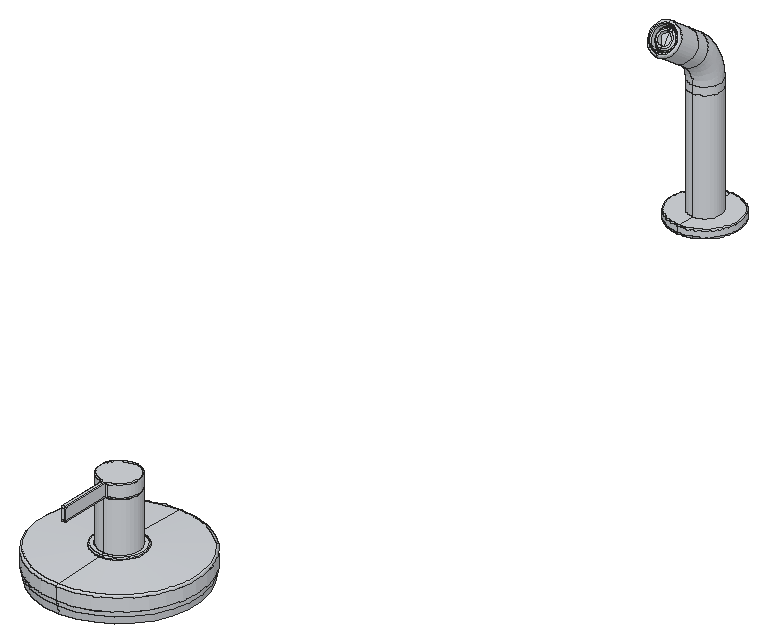
Revit family "Shower-Shower_Trim-KOHLER-Stillness-K-TLS949", category Plumbing Fixtures, host Face, Revit 2015
Parameters (values of type "CP-Polished Chrome")
  Width = 6 3/8"  # constant formula
  Waste Water Outlet = "Waste Water Outlet"  # constant formula
  Waste Connection = 1 = 0  # no
  Vent Connection = 1 = 0  # no
  URL = "https://www.us.kohler.com/us/"
  Type = 1
  Product Page URL = "http://www.us.kohler.com/us/catalog/productDetails.jsp?productNumber=TLS949-4"
  Product Name = "Stillness"  # constant formula
  Product Documentation Link = "https://www.us.kohler.com/webassets/kpna/catalog/pdf/en/K-TLS949-4_spec.pdf"
  Panel Thickness = 0"
  Model = if(Type = 1, "K-TLS949-4-CP", if(Type = 2, "K-TLS949-4-BN", "NA"))  # "K-TLS949-4-CP"
  Material = "Premium Metal Construction"  # constant formula
  MasterFormat 2004 = "22.41.23"  # constant formula
  MasterFormat 1995 = "15410"  # constant formula
  Manufacturer Address = "444 Highland Dr, Kohler, WI 53044"  # constant formula
  Manufacturer = "KOHLER Co."  # constant formula
  Length = 7 1/2"  # constant formula
  Tempered Water Inlet = "Tempered Water Inlet"  # constant formula
  Height = 6 3/8"  # constant formula
  Distance To Showerarm [instance] = 30"
  HW Connection = 1 = 1  # yes
  Finish = Kohler-Metal-CP-Polished_Chrome
  Environmental Product Declaration = ""
  Drain Included = 1 = 0  # no
  Description = "Rite-Temp shower valve trim with lever handle, less showerhead"  # constant formula
  Default Elevation = 42"
  Declare Label = ""
  Date Modified = "01/22/2019"  # constant formula
  Date Created = "01/22/2019"  # constant formula
  Copyright = "Copyright KOHLER Co."  # constant formula
  Contact Us = "https://www.us.kohler.com/us/static/contact.jsp"
  Cold Water Inlet = "Cold Water Inlet"  # constant formula
  CW Connection = 1 = 0  # no
  Assembly Code = "D2010700"
  ADA Compliant = 1 = 1  # yes
Types (3): name | Type | Model | Finish
  (no name) | 1 | "K-TLS949-4-CP" | Kohler-Metal-CP-Polished_Chrome
  CP-Polished Chrome | 1 | "K-TLS949-4-CP" | Kohler-Metal-CP-Polished_Chrome
  BN-Vibrant Brushed Nickel | 2 | "K-TLS949-4-BN" | Kohler-Metal-BN-Vibrant_Brushed_Nickel
Reference planes (in)
  plane 1 "Center (Front/Back)": y = 0
  plane 2: z = 0
  plane 3 "Center (Left/Right)": x = 0
  plane 4: y = 30
  plane 5: x = -3.1875
  plane 6: y = 3.1875
  plane 7: x = 3.1875
  plane 8: y = -3.1875
  plane 9: z = 7.5
Dimensions and locks (in)
  "Distance To Showerarm": plane 1 "Center (Front/Back)" to plane 4
  "Width": plane 5 to plane 7
  "Height": plane 6 to plane 8
  "Length": plane 9 to plane 2
  aligned and locked: host face to plane 2
  aligned and locked: host face to level
  aligned and locked: nested 2 to plane 4
Automatic sketch dimensions
  host sketch curve to host sketch curve = 96"  (x2)
Nested families (in)
  nested 1: "K-TLS949-4_Handle" at (0, 0, 0), type "K-TLS949-4_Handle"
  nested 2: "K-TLS949-4_Shower arm" at (0, 30, 0), type "K-TLS949-4_Shower arm"
Connectors (in)
  piping at (0, 30, 0), diameter 0.5, driven by "HW Connection", driven by "Tempered Water Inlet"
    settings: on nested 2, index 1, connector inside diameter 24", connector length 0", flow factor 0, pipe flow 0 GPM, pressure drop 0.00 psi, fitting loss kfactor 0, connector angle 0.00°, fixture units 0, engagement length 0", angle of deflection 0.00°, flow configuration 0, flow direction 1, fitting loss method 0, system type 19, joint type 0, gender type 0, connector reference index -1, connector utility 1, adjustable connector no, is connector primary yes, connector description "Tempered Water Inlet"
Definition of nested family "K-TLS949-4_Handle"
  Parameters (values of type "K-TLS949-4_Handle")
    Material = none
  Reference planes (in)
    plane 1 "Center (Front/Back)": y = 0
    plane 2: z = 0
    plane 3 "Center (Left/Right)": x = 0
    plane 4: x = -3.1875
    plane 5: x = 3.1875
    plane 6: y = 3.1875
    plane 7: y = -3.1875
    plane 8: z = 3.8125
    plane 9: y = -2.875
  Forms (in)
    Sweep 1, solid, material <- "Material", detail levels medium+fine
      path origin (0, 0, 0) x (1, 0, 0) y (0, 1, 0)
        loop
          arc (0.13273, -0.77763) -> (-0.00035, 0.78887) -> (-0.13204, -0.77774) r 0.78887
          arc (-0.13204, -0.77774) -> (-0.09475, -0.79903) -> (-0.08, -0.83936) r 0.0625
          line (-0.08, -0.83936) -> (-0.08, -2.875) -> (0.08, -2.875) -> (0.08, -0.84012)
          arc (0.08, -0.84012) -> (0.09494, -0.79923) -> (0.13273, -0.77763) r 0.06339
      profile origin (0, -2.875, 0) x (0, 1, 0) y (0, 0, 1)
        loop
          line (0, 3.79186) -> (0, 3.30312)
          arc (0, 3.30312) -> (0.00604, 3.28854) -> (0.02062, 3.2825) r 0.02062
          line (0.02062, 3.2825) -> (0.0529, 3.2825) -> (0.0529, 3.8125) -> (0.02064, 3.8125)
          arc (0.02064, 3.8125) -> (0.00605, 3.80645) -> (0, 3.79186) r 0.02064
    Extrusion 2, solid, material <- "Material", detail levels medium+fine
      sketch origin (0, 0, 0) x (1, 0, 0) y (0, 1, 0)
        loop
          line (0.0271, -2.8221) -> (0.0271, -0.84012)
          arc (0.0271, -0.84012) -> (0.05451, -0.76512) -> (0.12383, -0.72548) r 0.1163
          arc (0.12383, -0.72548) -> (-0.00033, 0.73597) -> (-0.12318, -0.72559) r 0.73597
          arc (-0.12318, -0.72559) -> (-0.05433, -0.7649) -> (-0.0271, -0.83936) r 0.1154
          line (-0.0271, -0.83936) -> (-0.0271, -2.8221) -> (0.0271, -2.8221)
      from 3.2825 to 3.8125
    Revolve 3, solid, material <- "Material", detail levels medium+fine
      sketch origin (0, 0, 0) x (0, 1, 0) y (0, 0, 1)
        loop
          line (0, 3.2825) -> (-0.72677, 3.2825) -> (-0.72677, 3.2425) -> (-0.78658, 3.2425) -> (-0.78658, 1.09229) -> (-0.80998, 1.225) -> (-0.97006, 1.225)
          arc (-0.97006, 1.225) -> (-0.99114, 1.21627) -> (-0.99987, 1.19519) r 0.02981
          line (-0.99987, 1.19519) -> (-0.99987, 1.15963)
          arc (-0.99987, 1.15963) -> (-2.0587, 1.13736) -> (-3.11575, 1.07225) r 26.16407
          arc (-3.11575, 1.07225) -> (-3.16683, 1.04733) -> (-3.1875, 0.99439) r 0.07813
          line (-3.1875, 0.99439) -> (-3.1875, 0.47968)
          arc (-3.1875, 0.47968) -> (-3.18252, 0.3846) -> (-3.16762, 0.29055) r 0.90967
          line (-3.16762, 0.29055) -> (-3.10586, 0) -> (0, 0) -> (0, 3.2825)
        axis (0, 3.2825) -> (0, 0)
      angle from 0 to 360
    Extrusion 4, void
      sketch origin (0, 0, 0) x (1, 0, 0) y (0, 1, 0)
        loop
          line (0.04875, -2.875) -> (0.08, -2.875) -> (0.08, -2.84375)
          arc (0.08, -2.84375) -> (0.07085, -2.86585) -> (0.04875, -2.875) r 0.03125
        loop
          arc (-0.04875, -2.875) -> (-0.07085, -2.86585) -> (-0.08, -2.84375) r 0.03125
          line (-0.08, -2.84375) -> (-0.08, -2.875) -> (-0.04875, -2.875)
      from 3.17161 to 3.93951
    Revolve 5, solid, material <- "Material", detail levels coarse
      sketch origin (0, 0, 0) x (0, 1, 0) y (0, 0, 1)
        loop
          line (0, 3.8125) -> (-0.78658, 3.8125) -> (-0.78658, 1.25) -> (-3.1875, 1.25) -> (-3.1875, 0) -> (0, 0) -> (0, 3.8125)
        axis (0, 3.8125) -> (0, 0)
      angle from 0 to 360
    Extrusion 6, solid, material <- "Material", detail levels coarse
      sketch origin (0, 0, 0) x (0, 1, 0) y (0, 0, 1)
        loop
          line (-2.875, 3.8125) -> (-2.875, 3.2825) -> (0, 3.2825) -> (0, 3.8125) -> (-2.875, 3.8125)
      from -0.08269 to 0.07866
  Cuts and joins
    Extrusion 4 cuts Sweep 1
    joined: Sweep 1, Extrusion 2, Revolve 3
    joined: Revolve 5, Extrusion 6
  Lines and regions (in)
    Masking region 1
      outline origin (0, 0, 0) x (0, 1, 0) y (0, 0, 1)
        loop
          line (3.10586, 0) -> (3.16762, 0.29055)
          arc (3.16762, 0.29055) -> (3.18252, 0.3846) -> (3.1875, 0.47968) r 0.90967
          line (3.1875, 0.47968) -> (3.1875, 0.99439)
          arc (3.1875, 0.99439) -> (3.16683, 1.04733) -> (3.11575, 1.07225) r 0.07813
          arc (3.11575, 1.07225) -> (2.0587, 1.13736) -> (0.99987, 1.15963) r 26.16407
          line (0.99987, 1.15963) -> (0.99987, 1.19519)
          arc (0.99987, 1.19519) -> (0.99114, 1.21627) -> (0.97006, 1.225) r 0.02981
          line (0.97006, 1.225) -> (0.78658, 1.225) -> (0.78658, 3.2425) -> (0.72677, 3.2425) -> (0.72677, 3.2825) -> (0.76841, 3.2825)
          arc (0.76841, 3.2825) -> (0.78264, 3.28839) -> (0.78853, 3.30263) r 0.02013
          line (0.78853, 3.30263) -> (0.78853, 3.79193)
          arc (0.78853, 3.79193) -> (0.78251, 3.80647) -> (0.76796, 3.8125) r 0.02057
          line (0.76796, 3.8125) -> (-2.85383, 3.8125)
          arc (-2.85383, 3.8125) -> (-2.8688, 3.8063) -> (-2.875, 3.79133) r 0.02117
          line (-2.875, 3.79133) -> (-2.875, 3.30284)
          arc (-2.875, 3.30284) -> (-2.86904, 3.28846) -> (-2.85466, 3.2825) r 0.02034
          line (-2.85466, 3.2825) -> (-0.72677, 3.2825) -> (-0.72677, 3.2425) -> (-0.78658, 3.2425) -> (-0.78658, 1.225) -> (-0.97006, 1.225)
          arc (-0.97006, 1.225) -> (-0.99114, 1.21627) -> (-0.99987, 1.19519) r 0.02981
          line (-0.99987, 1.19519) -> (-0.99987, 1.15963)
          arc (-0.99987, 1.15963) -> (-2.0587, 1.13736) -> (-3.11575, 1.07225) r 26.16407
          arc (-3.11575, 1.07225) -> (-3.16683, 1.04733) -> (-3.1875, 0.99439) r 0.07813
          line (-3.1875, 0.99439) -> (-3.1875, 0.47968)
          arc (-3.1875, 0.47968) -> (-3.18252, 0.3846) -> (-3.16762, 0.29055) r 0.90967
          line (-3.16762, 0.29055) -> (-3.10586, 0) -> (3.10586, 0)
    Masking region 2
      outline origin (0, 0, 0) x (1, 0, 0) y (0, 0, 1)
        loop
          line (3.10586, 0) -> (3.16762, 0.29055)
          arc (3.16762, 0.29055) -> (3.18252, 0.3846) -> (3.1875, 0.47968) r 0.90967
          line (3.1875, 0.47968) -> (3.1875, 0.99439)
          arc (3.1875, 0.99439) -> (3.16683, 1.04733) -> (3.11575, 1.07225) r 0.07813
          arc (3.11575, 1.07225) -> (2.0587, 1.13736) -> (0.99987, 1.15963) r 26.16407
          line (0.99987, 1.15963) -> (0.99987, 1.19519)
          arc (0.99987, 1.19519) -> (0.99114, 1.21627) -> (0.97006, 1.225) r 0.02981
          line (0.97006, 1.225) -> (0.78658, 1.225) -> (0.78658, 3.2425) -> (0.72677, 3.2425) -> (0.72677, 3.2825) -> (0.76596, 3.2825)
          arc (0.76596, 3.2825) -> (0.78054, 3.28854) -> (0.78658, 3.30312) r 0.02062
          line (0.78658, 3.30312) -> (0.78658, 3.79122)
          arc (0.78658, 3.79122) -> (0.78035, 3.80627) -> (0.7653, 3.8125) r 0.02128
          line (0.7653, 3.8125) -> (-0.7653, 3.8125)
          arc (-0.7653, 3.8125) -> (-0.78035, 3.80627) -> (-0.78658, 3.79122) r 0.02128
          line (-0.78658, 3.79122) -> (-0.78658, 3.30312)
          arc (-0.78658, 3.30312) -> (-0.78054, 3.28854) -> (-0.76596, 3.2825) r 0.02062
          line (-0.76596, 3.2825) -> (-0.72677, 3.2825) -> (-0.72677, 3.2425) -> (-0.78658, 3.2425) -> (-0.78658, 1.225) -> (-0.97006, 1.225)
          arc (-0.97006, 1.225) -> (-0.99114, 1.21627) -> (-0.99987, 1.19519) r 0.02981
          line (-0.99987, 1.19519) -> (-0.99987, 1.15963)
          arc (-0.99987, 1.15963) -> (-2.0587, 1.13736) -> (-3.11575, 1.07225) r 26.16407
          arc (-3.11575, 1.07225) -> (-3.16683, 1.04733) -> (-3.1875, 0.99439) r 0.07813
          line (-3.1875, 0.99439) -> (-3.1875, 0.47968)
          arc (-3.1875, 0.47968) -> (-3.18252, 0.3846) -> (-3.16762, 0.29055) r 0.90967
          line (-3.16762, 0.29055) -> (-3.10586, 0) -> (3.10586, 0)
    Masking region 3
      outline origin (0, 0, 0) x (1, 0, 0) y (0, 1, 0)
        loop
          arc (-3.1875, 0) -> (-2.2539, -2.2539) -> (0, -3.1875) r 3.1875
          arc (0, -3.1875) -> (2.2539, -2.2539) -> (3.1875, 0) r 3.1875
          arc (3.1875, 0) -> (2.2539, 2.2539) -> (0, 3.1875) r 3.1875
          arc (0, 3.1875) -> (-2.2539, 2.2539) -> (-3.1875, 0) r 3.1875
    symbolic lines, detail levels medium+fine
      curve 1: line (0, 3.1875, 0.47968) -> (0, -3.1875, 0.47968)
      curve 2: line (0, 3.11575, 1.07225) -> (0, -3.11575, 1.07225)
      curve 3: line (0, 0.99987, 1.15963) -> (0, -0.99987, 1.15963)
      curve 4: line (0, 0.78658, 1.225) -> (0, -0.78658, 1.225)
      curve 5: line (0, 0.72677, 3.2425) -> (0, -0.72677, 3.2425)
      curve 6: line (0, 0.72677, 3.2825) -> (0, -0.72677, 3.2825)
      curve 7: line (3.1875, 0, 0.47968) -> (-3.1875, 0, 0.47968)
      curve 8: line (3.11575, 0, 1.07225) -> (-3.11575, 0, 1.07225)
      curve 9: line (0.99987, 0, 1.15963) -> (-0.99987, 0, 1.15963)
      curve 10: line (0.78658, 0, 1.225) -> (-0.78658, 0, 1.225)
      curve 11: line (0.72677, 0, 3.2425) -> (-0.72677, 0, 3.2425)
      curve 12: line (0.72677, 0, 3.2825) -> (-0.72677, 0, 3.2825)
      curve 13: arc (0.13335, -0.77725, 0) -> (-0.00114, 0.78861, 0) -> (-0.13111, -0.77764, 0) r 0.78861
      curve 14: line (-0.07998, -2.84395, 0) -> (-0.07998, -0.83811, 0)
      curve 15: line (0.07998, -2.84433, 0) -> (0.07998, -0.84056, 0)
      curve 16: line (-0.04892, -2.875, 0) -> (0.0493, -2.875, 0)
      curve 17: arc (-0.13111, -0.77764, 0) -> (-0.09447, -0.79851, 0) -> (-0.07998, -0.83811, 0) r 0.06133
      curve 18: arc (0.07998, -0.84056, 0) -> (0.0951, -0.79916, 0) -> (0.13335, -0.77725, 0) r 0.06424
      curve 19: arc (-0.07998, -2.84395, 0) -> (-0.07088, -2.8659, 0) -> (-0.04892, -2.875, 0) r 0.03105
      curve 20: arc (0.0493, -2.875, 0) -> (0.07099, -2.86602, 0) -> (0.07998, -2.84433, 0) r 0.03067
      curve 21: arc (0.07998, -0.9968, 0) -> (0, 1, 0) -> (-0.07998, -0.9968, 0) r 1
      curve 22: circle (0, 0, 0) r 3.09623 normal (0, 0, 1)
  Dimensions and locks (in)
    locked: plane 4 to plane 5 at 6.375
    locked: plane 7 to plane 6 at 6.375
    locked: plane 1 "Center (Front/Back)" to plane 9 at 2.875
    locked: plane 8 to plane 2 at 3.8125
    aligned and locked: plane 2 to level
Definition of nested family "K-TLS949-4_Shower arm"
  Parameters (values of type "K-TLS949-4_Shower arm")
    Material = none
  Reference planes (in)
    plane 1 "Center (Front/Back)": y = 0
    plane 2: z = 0
    plane 3 "Center (Left/Right)": x = 0
    plane 4: x = -1.375
    plane 5: x = 1.375
    plane 6: y = 1.375
    plane 7: y = -1.375
    plane 8: y = -2.125
    plane 9: z = 7.5
  Forms (in)
    Revolve 1, solid, material <- "Material", detail levels medium+fine
      sketch origin (0, 0, 0) x (0, 1, 0) y (0, 0, 1)
        loop
          line (-0.625, 0.312) -> (-1.34207, 0.312)
          arc (-1.34207, 0.312) -> (-1.36535, 0.30235) -> (-1.375, 0.27907) r 0.03293
          line (-1.375, 0.27907) -> (-1.375, 0.03125)
          arc (-1.375, 0.03125) -> (-1.36585, 0.00915) -> (-1.34375, 0) r 0.03125
          line (-1.34375, 0) -> (0, 0) -> (0, 4.82359) -> (-0.625, 4.82359) -> (-0.625, 0.312)
        axis (0, 4.82359) -> (0, 0)
      angle from 0 to 360
    Sweep 2, solid, material <- "Material", detail levels medium+fine
      path origin (0, 0, 0) x (0, 1, 0) y (0, 0, 1)
        loop
          line (-1.21332, 6.86164) -> (-0.71288, 6.51122)
          arc (-0.71288, 6.51122) -> (-0.18889, 5.91373) -> (0, 5.1418) r 1.67175
          line (0, 5.1418) -> (0, 4.82359)
      profile origin (0, 0, 4.98269) x (1, 0, 0) y (0, 1, 0)
        loop
          circle (0, 0) r 0.625
    Revolve 3, solid, material <- "Material", detail levels medium+fine
      sketch origin (0, 0, 0) x (0, 1, 0) y (0, 0, 1)
        loop
          line (-1.21332, 6.86164) -> (-1.93495, 7.36692) -> (-2.08132, 7.15787) -> (-2.20457, 7.24417) -> (-2.24624, 7.18466) -> (-2.23473, 7.10407) -> (-2.15707, 7.0497) -> (-2.20506, 6.98116) -> (-2.37695, 7.10153)
          arc (-2.37695, 7.10153) -> (-2.39352, 7.1052) -> (-2.40783, 7.09608) r 0.02217
          line (-2.40783, 7.09608) -> (-2.43867, 7.05203)
          arc (-2.43867, 7.05203) -> (-2.45162, 6.99365) -> (-2.41949, 6.94322) r 0.07813
          line (-2.41949, 6.94322) -> (-1.57181, 6.34967) -> (-1.21332, 6.86164)
        axis (-2.125, 7.5) -> (-1.21332, 6.86164)
      angle from 0 to 360
    Extrusion 4, solid, material <- "Material", detail levels medium+fine
      sketch origin (0, 0, 0) x (1, 0, 0) y (0, 1, 0)
        loop
          circle (0, 0) r 0.25
      from 0 to 0.06798
    Revolve 5, solid, material <- "Material", detail levels coarse
      sketch origin (0, 0, 0) x (0, 1, 0) y (0, 0, 1)
        loop
          line (0, 0) -> (0, 3.9119) -> (-0.6768, 3.9119) -> (-0.6768, 0.312) -> (-1.375, 0.312) -> (-1.375, 0) -> (0, 0)
        axis (0, 3.9119) -> (0, 0)
      angle from 0 to 360
    Sweep 6, solid, material <- "Material", detail levels coarse
      path origin (0, 0, 0) x (0, 1, 0) y (0, 0, 1)
        loop
          line (0, 3.9119) -> (0, 5.03608)
          arc (0, 5.03608) -> (-0.21184, 5.90178) -> (-0.79947, 6.57185) r 1.87483
          line (-0.79947, 6.57185) -> (-2.125, 7.5)
      profile origin (0, 0, 4.47399) x (0, -1, 0) y (1, 0, 0)
        loop
          circle (0, 0) r 0.6768
  Cuts and joins
    joined: Revolve 1, Sweep 2, Revolve 3
    joined: Revolve 5, Sweep 6
  Lines and regions (in)
    Masking region 1
      outline origin (0, 0, 0) x (0, 1, 0) y (0, 0, 1)
        loop
          arc (1.34375, 0) -> (1.36585, 0.00915) -> (1.375, 0.03125) r 0.03125
          line (1.375, 0.03125) -> (1.375, 0.28075)
          arc (1.375, 0.28075) -> (1.36585, 0.30285) -> (1.34375, 0.312) r 0.03125
          line (1.34375, 0.312) -> (0.625, 0.312) -> (0.625, 5.14452)
          arc (0.625, 5.14452) -> (0.36608, 6.20263) -> (-0.35216, 7.02163) r 2.29152
          line (-0.35216, 7.02163) -> (-1.00221, 7.4768) -> (-1.70252, 7.96716)
          arc (-1.70252, 7.96716) -> (-1.7609, 7.9801) -> (-1.81133, 7.94797) r 0.07813
          line (-1.81133, 7.94797) -> (-2.125, 7.5) -> (-2.43867, 7.05203)
          arc (-2.43867, 7.05203) -> (-2.45162, 6.99365) -> (-2.41949, 6.94322) r 0.07813
          line (-2.41949, 6.94322) -> (-1.73235, 6.46208) -> (-1.06986, 5.9982)
          arc (-1.06986, 5.9982) -> (-0.74287, 5.62534) -> (-0.625, 5.14363) r 1.04323
          line (-0.625, 5.14363) -> (-0.625, 0.312) -> (-1.34375, 0.312)
          arc (-1.34375, 0.312) -> (-1.36585, 0.30285) -> (-1.375, 0.28075) r 0.03125
          line (-1.375, 0.28075) -> (-1.375, 0.03125)
          arc (-1.375, 0.03125) -> (-1.36585, 0.00915) -> (-1.34375, 0) r 0.03125
          line (-1.34375, 0) -> (1.34375, 0)
    Masking region 2
      outline origin (0, 0, 0) x (1, 0, 0) y (0, 0, 1)
        loop
          line (0, 0) -> (1.34413, 0)
          arc (1.34413, 0) -> (1.36596, 0.00904) -> (1.375, 0.03087) r 0.03087
          line (1.375, 0.03087) -> (1.375, 0.27993)
          arc (1.375, 0.27993) -> (1.36561, 0.30261) -> (1.34293, 0.312) r 0.03207
          line (1.34293, 0.312) -> (0.625, 0.312) -> (0.625, 7.4546)
          arc (0.625, 7.4546) -> (0.59513, 7.61964) -> (0.50933, 7.76374) r 0.47095
          arc (0.50933, 7.76374) -> (0.27697, 7.92482) -> (0, 7.98157) r 0.70438
          arc (0, 7.98157) -> (-0.27697, 7.92482) -> (-0.50933, 7.76374) r 0.70438
          arc (-0.50933, 7.76374) -> (-0.59513, 7.61964) -> (-0.625, 7.4546) r 0.47095
          line (-0.625, 7.4546) -> (-0.625, 0.312) -> (-1.34293, 0.312)
          arc (-1.34293, 0.312) -> (-1.36561, 0.30261) -> (-1.375, 0.27993) r 0.03207
          line (-1.375, 0.27993) -> (-1.375, 0.03087)
          arc (-1.375, 0.03087) -> (-1.36596, 0.00904) -> (-1.34413, 0) r 0.03087
          line (-1.34413, 0) -> (0, 0)
    Masking region 3
      outline origin (0, 0, 0) x (1, 0, 0) y (0, 1, 0)
        loop
          arc (-1.375, 0) -> (-1.1726, -0.71807) -> (-0.625, -1.22475) r 1.375
          line (-0.625, -1.22475) -> (-0.625, -2.04841)
          arc (-0.625, -2.04841) -> (-0.57903, -2.21597) -> (-0.45401, -2.33662) r 0.32838
          arc (-0.45401, -2.33662) -> (-0.23428, -2.42308) -> (0, -2.45251) r 0.94725
          arc (0, -2.45251) -> (0.23428, -2.42308) -> (0.45401, -2.33662) r 0.94725
          arc (0.45401, -2.33662) -> (0.57903, -2.21597) -> (0.625, -2.04841) r 0.32838
          line (0.625, -2.04841) -> (0.625, -1.22475)
          arc (0.625, -1.22475) -> (1.1726, -0.71807) -> (1.375, 0) r 1.375
          arc (1.375, 0) -> (0.97227, 0.97227) -> (0, 1.375) r 1.375
          arc (0, 1.375) -> (-0.97227, 0.97227) -> (-1.375, 0) r 1.375
    symbolic lines, detail levels medium+fine
      curve 1: line (0, 0.625, 0.312) -> (0, -0.625, 0.312)
      curve 2: line (0.625, 0, 0.312) -> (-0.625, 0, 0.312)
      curve 3: line (-0.625, -1.22475, 0) -> (-0.625, 0, 0)
      curve 4: line (0.625, -1.22475, 0) -> (0.625, 0, 0)
      curve 5: arc (-0.625, 0, 0) -> (0, 0.625, 0) -> (0.625, 0, 0) r 0.625
      curve 6: arc (-0.34474, -1.0817, 0) -> (-0.17476, -1.03855, 0) -> (0, -1.02403, 0) r 1.0593
      curve 7: arc (-0.625, -1.32227, 0) -> (-0.50787, -1.17519, 0) -> (-0.34474, -1.0817, 0) r 0.50056
      curve 8: arc (0, -1.84586, 0) -> (-0.14753, -1.86015, 0) -> (-0.28958, -1.90248, 0) r 0.7689
      curve 9: arc (-0.28958, -1.90248, 0) -> (-0.36651, -1.94424, 0) -> (-0.43232, -2.00196, 0) r 0.3942
      curve 10: arc (-0.43232, -2.00196, 0) -> (-0.466, -2.05912, 0) -> (-0.47382, -2.125, 0) r 0.16129
      curve 11: arc (0, -2.40414, 0) -> (-0.14753, -2.38985, 0) -> (-0.28958, -2.34752, 0) r 0.7689
      curve 12: arc (-0.28958, -2.34752, 0) -> (-0.36651, -2.30576, 0) -> (-0.43232, -2.24804, 0) r 0.3942
      curve 13: arc (-0.43232, -2.24804, 0) -> (-0.466, -2.19088, 0) -> (-0.47382, -2.125, 0) r 0.16129
      curve 14: spline (0, -1.91181, 0) -> (-0.06605, -1.9168, 0) -> (-0.1276, -1.93142, 0) -> (-0.18046, -1.95469, 0) -> (-0.22101, -1.985, 0) -> (-0.24651, -2.02031, 0) -> (-0.2552, -2.05819, 0) -> (-0.24651, -2.09608, 0) -> (-0.22101, -2.13138, 0) -> (-0.18046, -2.1617, 0) -> (-0.1276, -2.18496, 0) -> (-0.06605, -2.19958, 0) -> (0, -2.20457, 0)
      curve 15: spline (0, -1.87015, 0) -> (-0.08485, -1.87655, 0) -> (-0.16392, -1.89534, 0) -> (-0.23182, -1.92522, 0) -> (-0.28392, -1.96417, 0) -> (-0.31668, -2.00952, 0) -> (-0.32785, -2.05819, 0) -> (-0.31668, -2.10686, 0) -> (-0.28392, -2.15221, 0) -> (-0.23182, -2.19116, 0) -> (-0.16392, -2.22104, 0) -> (-0.08485, -2.23983, 0) -> (0, -2.24624, 0)
      curve 16: spline (-0.16746, -2.0454, 0) -> (-0.15568, -2.05093, 0) -> (-0.14335, -2.05605, 0) -> (-0.13051, -2.06074, 0) -> (-0.1172, -2.06497, 0) -> (-0.10348, -2.06875, 0) -> (-0.08939, -2.07205, 0) -> (-0.07498, -2.07486, 0) -> (-0.06031, -2.07718, 0) -> (-0.04542, -2.07899, 0) -> (-0.03037, -2.08028, 0) -> (-0.01521, -2.08106, 0) -> (0, -2.08132, 0)
      curve 17: arc (-0.23139, -1.99644, 0) -> (-0.20177, -2.02398, 0) -> (-0.16746, -2.0454, 0) r 0.21215
      curve 18: arc (0, -1.84586, 0) -> (0.14753, -1.86015, 0) -> (0.28958, -1.90248, 0) r 0.7689
      curve 19: arc (0.28958, -1.90248, 0) -> (0.36651, -1.94424, 0) -> (0.43232, -2.00196, 0) r 0.3942
      curve 20: arc (0.43232, -2.00196, 0) -> (0.466, -2.05912, 0) -> (0.47382, -2.125, 0) r 0.16129
      curve 21: arc (0, -2.40414, 0) -> (0.14753, -2.38985, 0) -> (0.28958, -2.34752, 0) r 0.7689
      curve 22: arc (0.28958, -2.34752, 0) -> (0.36651, -2.30576, 0) -> (0.43232, -2.24804, 0) r 0.3942
      curve 23: arc (0.43232, -2.24804, 0) -> (0.466, -2.19088, 0) -> (0.47382, -2.125, 0) r 0.16129
      curve 24: spline (0, -1.91181, 0) -> (0.06605, -1.9168, 0) -> (0.1276, -1.93142, 0) -> (0.18046, -1.95469, 0) -> (0.22101, -1.985, 0) -> (0.24651, -2.02031, 0) -> (0.2552, -2.05819, 0) -> (0.24651, -2.09608, 0) -> (0.22101, -2.13138, 0) -> (0.18046, -2.1617, 0) -> (0.1276, -2.18496, 0) -> (0.06605, -2.19958, 0) -> (0, -2.20457, 0)
      curve 25: spline (0, -1.87015, 0) -> (0.08485, -1.87655, 0) -> (0.16392, -1.89534, 0) -> (0.23182, -1.92522, 0) -> (0.28392, -1.96417, 0) -> (0.31668, -2.00952, 0) -> (0.32785, -2.05819, 0) -> (0.31668, -2.10686, 0) -> (0.28392, -2.15221, 0) -> (0.23182, -2.19116, 0) -> (0.16392, -2.22104, 0) -> (0.08485, -2.23983, 0) -> (0, -2.24624, 0)
      curve 26: spline (0.16746, -2.0454, 0) -> (0.15568, -2.05093, 0) -> (0.14335, -2.05605, 0) -> (0.13051, -2.06074, 0) -> (0.1172, -2.06497, 0) -> (0.10348, -2.06875, 0) -> (0.08939, -2.07205, 0) -> (0.07498, -2.07486, 0) -> (0.06031, -2.07718, 0) -> (0.04542, -2.07899, 0) -> (0.03037, -2.08028, 0) -> (0.01521, -2.08106, 0) -> (0, -2.08132, 0)
      curve 27: arc (0.23139, -1.99644, 0) -> (0.20177, -2.02398, 0) -> (0.16746, -2.0454, 0) r 0.21215
      curve 28: arc (0.34474, -1.0817, 0) -> (0.17476, -1.03855, 0) -> (0, -1.02403, 0) r 1.0593
      curve 29: arc (0.625, -1.32227, 0) -> (0.50787, -1.17519, 0) -> (0.34474, -1.0817, 0) r 0.50056
      curve 30: line (0, -1.70252, 7.96716) -> (0, -2.41949, 6.94322)
      curve 31: line (0, -1.65452, 7.93355) -> (0, -2.37149, 6.90961)
      curve 32: line (0, -1.60652, 7.89994) -> (0, -2.32349, 6.876)
      curve 33: line (0, -1.55853, 7.86634) -> (0, -2.2755, 6.8424)
      curve 34: line (0, -1.51053, 7.83273) -> (0, -2.2275, 6.80879)
      curve 35: spline (-0.625, -2.04841, 0) -> (-0.6037, -1.94382, 0) -> (-0.54127, -1.84636, 0) -> (-0.44194, -1.76267, 0) -> (-0.3125, -1.69845, 0) -> (-0.16176, -1.65808, 0) -> (0, -1.64431, 0) -> (0.16176, -1.65808, 0) -> (0.3125, -1.69845, 0) -> (0.44194, -1.76267, 0) -> (0.54127, -1.84636, 0) -> (0.6037, -1.94382, 0) -> (0.625, -2.04841, 0)
      curve 36: spline (-0.625, -2.01674, 0) -> (-0.6037, -1.91771, 0) -> (-0.54127, -1.82543, 0) -> (-0.44194, -1.74619, 0) -> (-0.3125, -1.68539, 0) -> (-0.16176, -1.64717, 0) -> (0, -1.63413, 0) -> (0.16176, -1.64717, 0) -> (0.3125, -1.68539, 0) -> (0.44194, -1.74619, 0) -> (0.54127, -1.82543, 0) -> (0.6037, -1.91771, 0) -> (0.625, -2.01674, 0)
      curve 37: spline (-0.625, -1.99362, 0) -> (-0.6037, -1.89459, 0) -> (-0.54127, -1.80231, 0) -> (-0.44194, -1.72307, 0) -> (-0.3125, -1.66227, 0) -> (-0.16176, -1.62405, 0) -> (0, -1.61101, 0) -> (0.16176, -1.62405, 0) -> (0.3125, -1.66227, 0) -> (0.44194, -1.72307, 0) -> (0.54127, -1.80231, 0) -> (0.6037, -1.89459, 0) -> (0.625, -1.99362, 0)
      curve 38: spline (-0.625, -1.9696, 0) -> (-0.6037, -1.87057, 0) -> (-0.54127, -1.77829, 0) -> (-0.44194, -1.69905, 0) -> (-0.3125, -1.63825, 0) -> (-0.16176, -1.60002, 0) -> (0, -1.58699, 0) -> (0.16176, -1.60002, 0) -> (0.3125, -1.63825, 0) -> (0.44194, -1.69905, 0) -> (0.54127, -1.77829, 0) -> (0.6037, -1.87057, 0) -> (0.625, -1.9696, 0)
      curve 39: spline (-0.625, -2.00546, 0) -> (-0.6037, -1.90644, 0) -> (-0.54127, -1.81416, 0) -> (-0.44194, -1.73492, 0) -> (-0.3125, -1.67411, 0) -> (-0.16176, -1.63589, 0) -> (0, -1.62285, 0) -> (0.16176, -1.63589, 0) -> (0.3125, -1.67411, 0) -> (0.44194, -1.73492, 0) -> (0.54127, -1.81416, 0) -> (0.6037, -1.90644, 0) -> (0.625, -2.00546, 0)
      curve 40: spline (-0.625, -1.9824, 0) -> (-0.6037, -1.88337, 0) -> (-0.54127, -1.7911, 0) -> (-0.44194, -1.71185, 0) -> (-0.3125, -1.65105, 0) -> (-0.16176, -1.61283, 0) -> (0, -1.59979, 0) -> (0.16176, -1.61283, 0) -> (0.3125, -1.65105, 0) -> (0.44194, -1.71185, 0) -> (0.54127, -1.7911, 0) -> (0.6037, -1.88337, 0) -> (0.625, -1.9824, 0)
      curve 41: spline (0.625, 0, 7.44141) -> (0.6037, 0, 7.57788) -> (0.54127, 0, 7.70506) -> (0.44194, 0, 7.81427) -> (0.3125, 0, 7.89806) -> (0.16176, 0, 7.95074) -> (0, 0, 7.96871) -> (-0.16176, 0, 7.95074) -> (-0.3125, 0, 7.89806) -> (-0.44194, 0, 7.81427) -> (-0.54127, 0, 7.70506) -> (-0.6037, 0, 7.57788) -> (-0.625, 0, 7.44141)
      curve 42: spline (0.625, 0, 7.4127) -> (0.6037, 0, 7.54917) -> (0.54127, 0, 7.67635) -> (0.44194, 0, 7.78556) -> (0.3125, 0, 7.86935) -> (0.16176, 0, 7.92203) -> (0, 0, 7.94) -> (-0.16176, 0, 7.92203) -> (-0.3125, 0, 7.86935) -> (-0.44194, 0, 7.78556) -> (-0.54127, 0, 7.67635) -> (-0.6037, 0, 7.54917) -> (-0.625, 0, 7.4127)
      curve 43: spline (0.625, 0, 7.38507) -> (0.6037, 0, 7.52155) -> (0.54127, 0, 7.64872) -> (0.44194, 0, 7.75793) -> (0.3125, 0, 7.84173) -> (0.16176, 0, 7.89441) -> (0, 0, 7.91238) -> (-0.16176, 0, 7.89441) -> (-0.3125, 0, 7.84173) -> (-0.44194, 0, 7.75793) -> (-0.54127, 0, 7.64872) -> (-0.6037, 0, 7.52155) -> (-0.625, 0, 7.38507)
      curve 44: spline (0.625, 0, 7.42748) -> (0.6037, 0, 7.56395) -> (0.54127, 0, 7.69113) -> (0.44194, 0, 7.80033) -> (0.3125, 0, 7.88413) -> (0.16176, 0, 7.93681) -> (0, 0, 7.95478) -> (-0.16176, 0, 7.93681) -> (-0.3125, 0, 7.88413) -> (-0.44194, 0, 7.80033) -> (-0.54127, 0, 7.69113) -> (-0.6037, 0, 7.56395) -> (-0.625, 0, 7.42748)
      curve 45: spline (0.625, 0, 7.4005) -> (0.6037, 0, 7.53697) -> (0.54127, 0, 7.66415) -> (0.44194, 0, 7.77336) -> (0.3125, 0, 7.85715) -> (0.16176, 0, 7.90983) -> (0, 0, 7.9278) -> (-0.16176, 0, 7.90983) -> (-0.3125, 0, 7.85715) -> (-0.44194, 0, 7.77336) -> (-0.54127, 0, 7.66415) -> (-0.6037, 0, 7.53697) -> (-0.625, 0, 7.4005)
  Dimensions and locks (in)
    locked: plane 4 to plane 5 at 2.75
    locked: plane 6 to plane 7 at 2.75
    locked: plane 1 "Center (Front/Back)" to plane 8 at 2.125
    locked: plane 9 to plane 2 at 7.5
    aligned and locked: plane 2 to level
